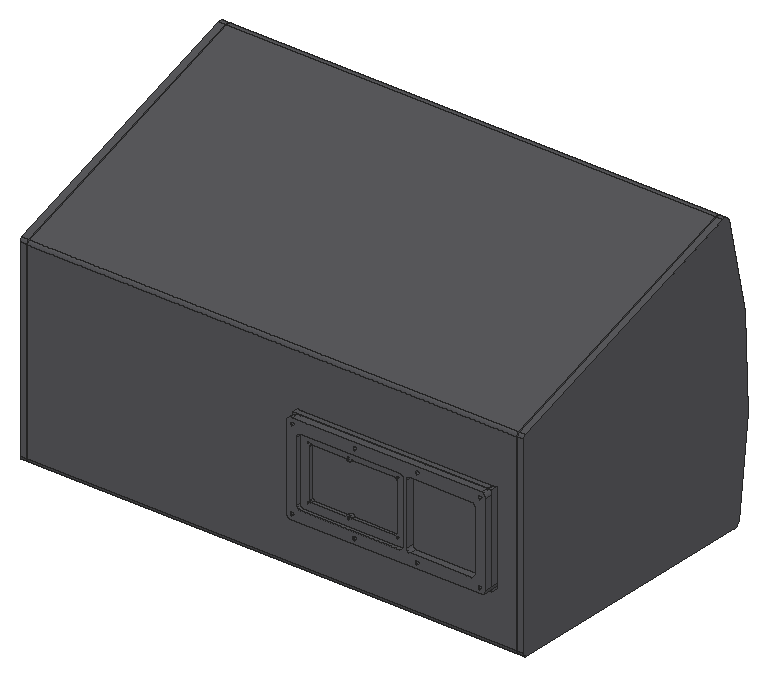
Revit family "EVU-1062", category Communication Devices, Revit 2017 (continued)
Definition of nested family "InputPanel_small"
  Lines and regions (mm)
    model lines, not visible
      curve 383: line (57.424, -9.5, 61.54) -> (58.11, -9.5, 62.1)
      curve 384: line (58.11, -9.5, 62.1) -> (58.569, -9.5, 62.938)
      curve 385: line (58.569, -9.5, 62.938) -> (58.729, -9.5, 63.926)
      curve 386: line (58.729, -9.5, 63.926) -> (58.568, -9.5, 64.914)
      curve 387: line (58.568, -9.5, 64.914) -> (58.11, -9.5, 65.752)
      curve 388: line (58.11, -9.5, 65.752) -> (57.423, -9.5, 66.311)
      curve 389: line (57.423, -9.5, 66.311) -> (56.614, -9.5, 66.508)
      curve 390: line (56.614, -9.5, 66.508) -> (55.805, -9.5, 66.311)
      curve 391: line (55.805, -9.5, 66.311) -> (55.118, -9.5, 65.751)
      curve 392: line (55.118, -9.5, 65.751) -> (54.664, -9.5, 64.92)
      curve 393: line (54.66, -9.5, 64.914) -> (54.376, -9.5, 63.925)
      curve 394: line (54.376, -9.5, 63.925) -> (53.684, -9.5, 63.925)
      curve 395: line (53.684, -9.5, 63.925) -> (51.566, -9.5, 63.925)
      curve 396: line (51.566, -9.5, 63.925) -> (51.567, -9.5, 70.15)
      curve 397: line (54.497, -9.5, 82.844) -> (54.658, -9.5, 81.856)
      curve 398: line (54.658, -9.5, 81.856) -> (55.117, -9.5, 81.019)
      curve 399: line (55.117, -9.5, 81.019) -> (55.803, -9.5, 80.459)
      curve 400: line (55.803, -9.5, 80.459) -> (56.612, -9.5, 80.263)
      curve 401: line (56.612, -9.5, 80.263) -> (57.422, -9.5, 80.459)
      curve 402: line (57.422, -9.5, 80.459) -> (58.108, -9.5, 81.019)
      curve 403: line (58.108, -9.5, 81.019) -> (58.566, -9.5, 81.857)
      curve 404: line (58.566, -9.5, 81.857) -> (58.727, -9.5, 82.845)
      curve 405: line (58.727, -9.5, 82.845) -> (58.566, -9.5, 83.833)
      curve 406: line (58.566, -9.5, 83.833) -> (58.107, -9.5, 84.671)
      curve 407: line (58.107, -9.5, 84.671) -> (57.421, -9.5, 85.23)
      curve 408: line (57.421, -9.5, 85.23) -> (56.612, -9.5, 85.427)
      curve 409: line (56.612, -9.5, 85.427) -> (55.802, -9.5, 85.23)
      curve 410: line (55.802, -9.5, 85.23) -> (55.116, -9.5, 84.67)
      curve 411: line (55.116, -9.5, 84.67) -> (54.661, -9.5, 83.839)
      curve 412: line (54.658, -9.5, 83.833) -> (54.374, -9.5, 82.844)
      curve 413: line (54.374, -9.5, 82.844) -> (53.682, -9.5, 82.844)
      curve 414: line (53.682, -9.5, 82.844) -> (51.565, -9.5, 82.844)
      curve 415: line (51.565, -9.5, 82.844) -> (51.565, -9.5, 85.997)
      curve 416: line (54.498, -9.5, 70.232) -> (54.66, -9.5, 69.244)
      curve 417: line (54.66, -9.5, 69.244) -> (55.118, -9.5, 68.406)
      curve 418: line (55.118, -9.5, 68.406) -> (55.804, -9.5, 67.846)
      curve 419: line (55.804, -9.5, 67.846) -> (56.614, -9.5, 67.65)
      curve 420: line (56.614, -9.5, 67.65) -> (57.423, -9.5, 67.847)
      curve 421: line (57.423, -9.5, 67.847) -> (58.109, -9.5, 68.406)
      curve 422: line (58.109, -9.5, 68.406) -> (58.568, -9.5, 69.244)
      curve 423: line (58.568, -9.5, 69.244) -> (58.729, -9.5, 70.232)
      curve 424: line (58.729, -9.5, 70.232) -> (58.568, -9.5, 71.22)
      curve 425: line (58.568, -9.5, 71.22) -> (58.109, -9.5, 72.058)
      curve 426: line (58.109, -9.5, 72.058) -> (57.423, -9.5, 72.618)
      curve 427: line (57.423, -9.5, 72.618) -> (56.613, -9.5, 72.814)
      curve 428: line (56.613, -9.5, 72.814) -> (55.804, -9.5, 72.617)
      curve 429: line (55.804, -9.5, 72.617) -> (55.118, -9.5, 72.058)
      curve 430: line (55.118, -9.5, 72.058) -> (54.663, -9.5, 71.227)
      curve 431: line (54.659, -9.5, 71.22) -> (54.376, -9.5, 70.232)
      curve 432: line (54.376, -9.5, 70.232) -> (53.684, -9.5, 70.232)
      curve 433: line (53.684, -9.5, 70.232) -> (51.566, -9.5, 70.231)
      curve 434: line (51.566, -9.5, 70.231) -> (51.567, -9.5, 76.427)
      curve 435: line (57.428, -9.5, 60.773) -> (57.64, -9.5, 60.773)
      curve 436: line (57.64, -9.5, 60.773) -> (57.64, -9.5, 61.116)
      curve 437: line (57.561, -9.5, 61.254) -> (57.428, -9.5, 61.38)
      curve 438: line (57.428, -9.5, 61.38) -> (57.428, -9.5, 60.773)
      curve 439: line (57.428, -9.5, 60.773) -> (55.801, -9.5, 60.772)
      curve 440: line (55.801, -9.5, 60.772) -> (55.801, -9.5, 61.379)
      curve 441: line (55.8, -9.5, 67.687) -> (55.8, -9.5, 66.472)
      curve 442: line (55.8, -9.5, 73.992) -> (55.8, -9.5, 72.777)
      curve 443: line (55.799, -9.5, 80.299) -> (55.799, -9.5, 79.084)
      curve 444: line (57.425, -9.5, 85.998) -> (57.637, -9.5, 85.998)
      curve 445: line (57.637, -9.5, 85.998) -> (57.637, -9.5, 85.632)
      curve 446: line (57.558, -9.5, 85.516) -> (57.425, -9.5, 85.39)
      curve 447: line (57.425, -9.5, 85.39) -> (57.425, -9.5, 85.998)
      curve 448: line (57.425, -9.5, 85.998) -> (55.798, -9.5, 85.998)
      curve 449: line (55.798, -9.5, 85.998) -> (55.798, -9.5, 85.39)
      curve 450: line (57.638, -9.5, 80.036) -> (57.634, -9.5, 79.358)
      curve 451: line (57.559, -9.5, 79.211) -> (57.426, -9.5, 79.085)
      curve 452: line (57.426, -9.5, 79.085) -> (57.426, -9.5, 80.3)
      curve 453: line (57.426, -9.5, 80.3) -> (57.559, -9.5, 80.173)
      curve 454: line (57.427, -9.5, 73.992) -> (57.427, -9.5, 72.777)
      curve 455: line (57.427, -9.5, 72.777) -> (57.56, -9.5, 72.903)
      curve 456: line (57.638, -9.5, 73.019) -> (57.638, -9.5, 73.728)
      curve 457: line (57.56, -9.5, 73.866) -> (57.427, -9.5, 73.992)
      curve 458: line (57.639, -9.5, 67.423) -> (57.636, -9.5, 66.745)
      curve 459: line (57.561, -9.5, 66.598) -> (57.428, -9.5, 66.472)
      curve 460: line (57.428, -9.5, 66.472) -> (57.427, -9.5, 67.687)
      curve 461: line (57.427, -9.5, 67.687) -> (57.561, -9.5, 67.561)
      curve 462: line (52.991, -9.5, 73.096) -> (55.108, -9.5, 73.096)
      curve 463: line (55.108, -9.5, 73.096) -> (55.108, -9.5, 73.673)
      curve 464: line (55.108, -9.5, 73.673) -> (52.991, -9.5, 73.672)
      curve 465: line (52.991, -9.5, 73.672) -> (52.991, -9.5, 73.096)
      curve 466: line (52.99, -9.5, 79.403) -> (52.99, -9.5, 79.98)
      curve 467: line (52.99, -9.5, 79.98) -> (55.107, -9.5, 79.98)
      curve 468: line (55.107, -9.5, 79.98) -> (55.107, -9.5, 79.404)
      curve 469: line (55.107, -9.5, 79.404) -> (52.99, -9.5, 79.403)
      curve 470: line (52.991, -9.5, 66.791) -> (52.991, -9.5, 67.367)
      curve 471: line (52.991, -9.5, 67.367) -> (55.109, -9.5, 67.367)
      curve 472: line (55.109, -9.5, 67.367) -> (55.109, -9.5, 66.791)
      curve 473: line (55.109, -9.5, 66.791) -> (52.991, -9.5, 66.791)
      curve 474: line (55.107, -9.5, 85.998) -> (52.989, -9.5, 85.997)
      curve 475: line (52.989, -9.5, 85.997) -> (52.989, -9.5, 85.709)
      curve 476: line (52.989, -9.5, 85.709) -> (55.107, -9.5, 85.709)
      curve 477: line (55.107, -9.5, 85.709) -> (55.107, -9.5, 85.998)
      curve 478: line (55.107, -9.5, 85.998) -> (55.798, -9.5, 85.998)
      curve 479: line (55.801, -9.5, 60.772) -> (55.11, -9.5, 60.772)
      curve 480: line (55.11, -9.5, 60.772) -> (55.11, -9.5, 61.06)
      curve 481: line (55.11, -9.5, 61.06) -> (52.992, -9.5, 61.06)
      curve 482: line (52.992, -9.5, 61.06) -> (52.992, -9.5, 60.772)
      curve 483: line (52.992, -9.5, 60.772) -> (55.11, -9.5, 60.772)
      curve 484: line (54.504, -9.5, 76.743) -> (56.298, -9.5, 74.554)
      curve 485: line (56.298, -9.5, 74.554) -> (55.807, -9.5, 74.222)
      curve 486: line (54.503, -9.5, 83.049) -> (56.297, -9.5, 80.86)
      curve 487: line (56.297, -9.5, 80.86) -> (55.806, -9.5, 80.528)
      curve 488: line (54.531, -9.5, 76.998) -> (56.131, -9.5, 75.046)
      curve 489: line (56.131, -9.5, 75.046) -> (56.7, -9.5, 75.046)
      curve 490: line (56.7, -9.5, 75.046) -> (54.662, -9.5, 77.533)
      curve 491: line (54.531, -9.5, 83.304) -> (56.13, -9.5, 81.352)
      curve 492: line (56.13, -9.5, 81.352) -> (56.699, -9.5, 81.352)
      curve 493: line (56.699, -9.5, 81.352) -> (54.661, -9.5, 83.839)
      curve 494: line (54.505, -9.5, 70.437) -> (56.298, -9.5, 68.248)
      curve 495: line (56.298, -9.5, 68.248) -> (55.807, -9.5, 67.915)
      curve 496: line (54.506, -9.5, 64.13) -> (56.299, -9.5, 61.942)
      curve 497: line (56.299, -9.5, 61.942) -> (55.808, -9.5, 61.609)
      curve 498: line (54.533, -9.5, 64.385) -> (56.132, -9.5, 62.433)
      curve 499: line (56.132, -9.5, 62.433) -> (56.702, -9.5, 62.433)
      curve 500: line (56.702, -9.5, 62.433) -> (54.664, -9.5, 64.92)
      curve 501: line (54.532, -9.5, 70.691) -> (56.131, -9.5, 68.739)
      curve 502: line (56.131, -9.5, 68.739) -> (56.701, -9.5, 68.739)
      curve 503: line (56.701, -9.5, 68.739) -> (54.663, -9.5, 71.227)
      curve 504: line (51.568, -9.5, 63.815) -> (51.568, -9.5, 60.772)
      curve 505: line (51.568, -9.5, 60.772) -> (46.145, -9.5, 60.771)
      curve 506: line (46.145, -9.5, 60.771) -> (46.141, -9.5, 85.996)
      curve 507: line (46.141, -9.5, 85.996) -> (51.565, -9.5, 85.997)
      curve 508: line (51.565, -9.5, 85.997) -> (52.989, -9.5, 85.997)
      curve 509: line (52.989, -9.5, 85.997) -> (49.876, -9.5, 86.125)
      curve 510: line (49.876, -9.5, 86.125) -> (49.754, -9.5, 86.302)
      curve 511: line (52.992, -9.5, 60.772) -> (51.568, -9.5, 60.772)
      curve 512: line (45.361, -9.5, 79.392) -> (45.362, -9.5, 73.88)
      curve 513: line (45.362, -9.5, 73.88) -> (41.147, -9.5, 73.88)
      curve 514: line (41.147, -9.5, 73.88) -> (41.146, -9.5, 79.392)
      curve 515: line (41.146, -9.5, 79.392) -> (45.361, -9.5, 79.392)
      curve 516: line (41.146, -9.5, 79.988) -> (41.145, -9.5, 85.499)
      curve 517: line (41.145, -9.5, 85.499) -> (45.36, -9.5, 85.5)
      curve 518: line (45.36, -9.5, 85.5) -> (45.361, -9.5, 79.988)
      curve 519: line (45.361, -9.5, 79.988) -> (41.146, -9.5, 79.988)
      curve 520: line (45.819, -9.5, 60.771) -> (45.816, -9.5, 85.996)
      curve 521: line (45.816, -9.5, 85.996) -> (40.689, -9.5, 85.996)
      curve 522: line (40.689, -9.5, 85.996) -> (40.692, -9.5, 60.771)
      curve 523: line (40.692, -9.5, 60.771) -> (45.819, -9.5, 60.771)
      curve 524: line (45.819, -9.5, 60.771) -> (46.145, -9.5, 60.771)
      curve 525: line (45.363, -9.5, 66.78) -> (45.363, -9.5, 61.268)
      curve 526: line (45.363, -9.5, 61.268) -> (41.148, -9.5, 61.267)
      curve 527: line (41.148, -9.5, 61.267) -> (41.147, -9.5, 66.779)
      curve 528: line (41.147, -9.5, 66.779) -> (45.363, -9.5, 66.78)
      curve 529: line (41.147, -9.5, 67.375) -> (41.147, -9.5, 72.887)
      curve 530: line (41.147, -9.5, 72.887) -> (45.362, -9.5, 72.887)
      curve 531: line (45.362, -9.5, 72.887) -> (45.363, -9.5, 67.375)
      curve 532: line (45.363, -9.5, 67.375) -> (41.147, -9.5, 67.375)
      curve 533: line (45.816, -9.5, 85.996) -> (46.141, -9.5, 85.996)
      curve 534: line (46.141, -9.5, 85.996) -> (42.88, -9.5, 86.124)
      curve 535: line (42.88, -9.5, 86.124) -> (42.758, -9.5, 86.301)
      curve 536: line (42.758, -9.5, 86.301) -> (45.891, -9.5, 86.301)
      curve 537: line (45.891, -9.5, 86.301) -> (46.013, -9.5, 86.124)
      curve 538: line (45.361, -9.5, 78.225) -> (43.953, -9.5, 78.225)
      curve 539: line (43.953, -9.5, 78.225) -> (43.627, -9.5, 78.913)
      curve 540: line (43.627, -9.5, 78.913) -> (43.242, -9.5, 79.392)
      curve 541: line (45.363, -9.5, 65.613) -> (43.954, -9.5, 65.612)
      curve 542: line (43.954, -9.5, 65.612) -> (43.629, -9.5, 66.3)
      curve 543: line (43.629, -9.5, 66.3) -> (43.244, -9.5, 66.779)
      curve 544: line (45.362, -9.5, 68.542) -> (43.954, -9.5, 68.542)
      curve 545: line (43.954, -9.5, 68.542) -> (43.629, -9.5, 67.854)
      curve 546: line (43.629, -9.5, 67.854) -> (43.244, -9.5, 67.375)
      curve 547: line (45.361, -9.5, 81.155) -> (43.952, -9.5, 81.155)
      curve 548: line (43.952, -9.5, 81.155) -> (43.627, -9.5, 80.467)
      curve 549: line (43.627, -9.5, 80.467) -> (43.242, -9.5, 79.988)
      curve 550: line (45.362, -9.5, 71.919) -> (43.954, -9.5, 71.919)
      curve 551: line (43.954, -9.5, 71.919) -> (43.628, -9.5, 72.607)
      curve 552: line (43.628, -9.5, 72.607) -> (43.403, -9.5, 72.887)
      curve 553: line (45.361, -9.5, 84.532) -> (43.952, -9.5, 84.531)
      curve 554: line (43.952, -9.5, 84.531) -> (43.627, -9.5, 85.219)
      curve 555: line (43.627, -9.5, 85.219) -> (43.401, -9.5, 85.5)
      curve 556: line (45.362, -9.5, 74.849) -> (43.953, -9.5, 74.848)
      curve 557: line (43.953, -9.5, 74.848) -> (43.628, -9.5, 74.16)
      curve 558: line (43.403, -9.5, 73.88) -> (43.628, -9.5, 74.16)
      curve 559: line (43.628, -9.5, 74.16) -> (43.627, -9.5, 78.913)
      curve 560: line (45.363, -9.5, 62.236) -> (43.955, -9.5, 62.236)
      curve 561: line (43.955, -9.5, 62.236) -> (43.629, -9.5, 61.548)
      curve 562: line (43.629, -9.5, 61.548) -> (43.629, -9.5, 66.3)
      curve 563: line (43.404, -9.5, 61.267) -> (43.629, -9.5, 61.548)
      curve 564: line (43.954, -9.5, 68.542) -> (43.954, -9.5, 71.919)
      curve 565: line (43.952, -9.5, 81.155) -> (43.952, -9.5, 84.531)
      curve 566: line (43.954, -9.5, 65.612) -> (43.955, -9.5, 62.236)
      curve 567: line (43.953, -9.5, 78.225) -> (43.953, -9.5, 74.848)
      curve 568: line (45.891, -9.5, 86.301) -> (45.891, -9.5, 86.563)
      curve 569: line (45.891, -9.5, 86.563) -> (42.758, -9.5, 86.562)
      curve 570: line (42.758, -9.5, 86.562) -> (42.758, -9.5, 86.301)
      curve 571: line (45.891, -9.5, 86.563) -> (46.472, -9.5, 86.563)
      curve 572: line (46.472, -9.5, 86.563) -> (46.472, -9.5, 86.301)
      curve 573: line (46.472, -9.5, 86.301) -> (46.35, -9.5, 86.124)
      curve 574: line (42.244, -9.5, 79.988) -> (42.243, -9.5, 85.499)
      curve 575: line (42.246, -9.5, 67.375) -> (42.245, -9.5, 72.887)
      curve 576: line (42.246, -9.5, 61.267) -> (42.246, -9.5, 66.779)
      curve 577: line (42.245, -9.5, 73.88) -> (42.244, -9.5, 79.392)
      curve 578: line (43.629, -9.5, 67.854) -> (43.628, -9.5, 72.607)
      curve 579: line (43.627, -9.5, 80.467) -> (43.627, -9.5, 85.219)
      curve 580: line (52.887, -9.5, 86.302) -> (53.009, -9.5, 86.125)
      curve 581: line (52.887, -9.5, 86.563) -> (52.887, -9.5, 86.302)
      curve 582: line (52.887, -9.5, 86.302) -> (49.754, -9.5, 86.302)
      curve 583: line (49.754, -9.5, 86.302) -> (49.754, -9.5, 86.563)
      curve 584: line (49.754, -9.5, 86.563) -> (52.887, -9.5, 86.563)
      curve 585: line (52.887, -9.5, 86.563) -> (53.468, -9.5, 86.563)
      curve 586: line (53.468, -9.5, 86.563) -> (53.468, -9.5, 86.302)
      curve 587: line (53.468, -9.5, 86.302) -> (53.346, -9.5, 86.125)
      curve 588: line (78.97, -9.5, 60.972) -> (78.967, -9.5, 85.803)
      curve 589: line (78.912, -9.5, 85.748) -> (78.915, -9.5, 61.027)
      curve 590: line (77.958, -9.5, 86.812) -> (40.515, -9.5, 86.808)
      curve 591: line (40.57, -9.5, 86.753) -> (77.903, -9.5, 86.757)
      curve 592: line (39.506, -9.5, 85.799) -> (39.509, -9.5, 60.968)
      curve 593: line (39.509, -9.5, 60.97) -> (39.561, -9.5, 85.744)
      curve 594: line (40.518, -9.5, 59.959) -> (77.962, -9.5, 59.963)
      curve 595: line (77.907, -9.5, 60.018) -> (40.573, -9.5, 60.014)
      curve 596: line (61.368, -9.5, 70.233) -> (59.749, -9.5, 70.232)
      curve 597: line (59.749, -9.5, 70.232) -> (59.415, -9.5, 70.232)
      curve 598: line (61.369, -9.5, 63.926) -> (59.75, -9.5, 63.926)
      curve 599: line (59.75, -9.5, 63.926) -> (59.417, -9.5, 63.926)
      curve 600: line (61.367, -9.5, 76.539) -> (59.748, -9.5, 76.539)
      curve 601: line (59.748, -9.5, 76.539) -> (59.415, -9.5, 76.539)
      curve 602: line (61.367, -9.5, 82.845) -> (59.747, -9.5, 82.845)
      curve 603: line (59.747, -9.5, 82.845) -> (59.414, -9.5, 82.845)
      curve 604: line (57.109, -9.5, 76.538) -> (58.728, -9.5, 76.539)
      curve 605: line (58.728, -9.5, 76.539) -> (59.062, -9.5, 76.539)
      curve 606: line (57.108, -9.5, 82.845) -> (58.727, -9.5, 82.845)
      curve 607: line (58.727, -9.5, 82.845) -> (59.06, -9.5, 82.845)
      curve 608: line (57.109, -9.5, 70.232) -> (58.729, -9.5, 70.232)
      curve 609: line (58.729, -9.5, 70.232) -> (59.062, -9.5, 70.232)
      curve 610: line (57.11, -9.5, 63.926) -> (58.729, -9.5, 63.926)
      curve 611: line (58.729, -9.5, 63.926) -> (59.063, -9.5, 63.926)
    model lines
      curve 612: arc (-30.696, -4.337, 30.291) -> (-31.037, -4.337, 28.695) -> (-32.139, -4.337, 27.491) r 3.109
      curve 613: arc (-30.695, -4.337, 42.904) -> (-31.035, -4.337, 41.308) -> (-32.138, -4.337, 40.104) r 3.109
      curve 614: arc (-30.698, -4.337, 23.985) -> (-31.033, -4.337, 22.399) -> (-32.121, -4.337, 21.198) r 3.108
      curve 615: arc (-30.696, -4.337, 36.598) -> (-31.031, -4.337, 35.012) -> (-32.119, -4.337, 33.811) r 3.108
      curve 616: arc (-31.992, -4.337, 33.004) -> (-31.001, -4.337, 31.812) -> (-30.695, -4.337, 30.291) r 3.166
      curve 617: arc (-31.991, -4.337, 45.616) -> (-30.999, -4.337, 44.424) -> (-30.693, -4.337, 42.904) r 3.166
      curve 618: arc (-31.993, -4.337, 26.696) -> (-31.002, -4.337, 25.504) -> (-30.696, -4.337, 23.985) r 3.165
      curve 619: arc (-31.991, -4.337, 39.309) -> (-31.001, -4.337, 38.117) -> (-30.695, -4.337, 36.598) r 3.165
      curve 620: arc (-30.343, -4.337, 36.598) -> (-30.002, -4.337, 38.194) -> (-28.9, -4.337, 39.398) r 3.109
      curve 621: arc (-30.344, -4.337, 23.985) -> (-30.004, -4.337, 25.581) -> (-28.901, -4.337, 26.785) r 3.109
      curve 622: arc (-30.341, -4.337, 42.904) -> (-30.006, -4.337, 44.49) -> (-28.918, -4.337, 45.691) r 3.108
      curve 623: arc (-30.343, -4.337, 30.291) -> (-30.007, -4.337, 31.877) -> (-28.92, -4.337, 33.078) r 3.108
      curve 624: arc (-29.046, -4.337, 33.885) -> (-30.038, -4.337, 35.077) -> (-30.344, -4.337, 36.598) r 3.166
      curve 625: arc (-29.048, -4.337, 21.273) -> (-30.039, -4.337, 22.465) -> (-30.346, -4.337, 23.985) r 3.166
      curve 626: arc (-29.046, -4.337, 40.193) -> (-30.037, -4.337, 41.385) -> (-30.343, -4.337, 42.904) r 3.165
      curve 627: arc (-29.048, -4.337, 27.58) -> (-30.038, -4.337, 28.772) -> (-30.344, -4.337, 30.291) r 3.165
      curve 628: arc (-33.959, -4.337, 27.746) -> (-35.033, -4.337, 28.816) -> (-35.384, -4.337, 30.292) r 2.775
      curve 629: arc (-34.651, -4.337, 27.426) -> (-35.725, -4.337, 28.679) -> (-36.075, -4.337, 30.292) r 3.371
      curve 630: arc (-33.959, -4.337, 27.746) -> (-34.28, -4.337, 27.533) -> (-34.651, -4.337, 27.426) r 1.273
      curve 631: arc (-33.957, -4.337, 40.358) -> (-35.031, -4.337, 41.429) -> (-35.382, -4.337, 42.905) r 2.775
      curve 632: arc (-34.649, -4.337, 40.039) -> (-35.723, -4.337, 41.292) -> (-36.074, -4.337, 42.905) r 3.371
      curve 633: arc (-33.957, -4.337, 40.358) -> (-34.279, -4.337, 40.146) -> (-34.649, -4.337, 40.039) r 1.273
      curve 634: arc (-33.96, -4.337, 21.44) -> (-35.033, -4.337, 22.511) -> (-35.384, -4.337, 23.986) r 2.774
      curve 635: arc (-34.651, -4.337, 21.121) -> (-35.725, -4.337, 22.374) -> (-36.075, -4.337, 23.986) r 3.37
      curve 636: arc (-33.96, -4.337, 21.44) -> (-34.281, -4.337, 21.228) -> (-34.651, -4.337, 21.121) r 1.273
      curve 637: arc (-33.958, -4.337, 34.053) -> (-35.032, -4.337, 35.123) -> (-35.382, -4.337, 36.598) r 2.774
      curve 638: arc (-34.65, -4.337, 33.734) -> (-35.723, -4.337, 34.986) -> (-36.074, -4.337, 36.598) r 3.37
      curve 639: arc (-33.958, -4.337, 34.053) -> (-34.28, -4.337, 33.84) -> (-34.65, -4.337, 33.734) r 1.273
      curve 640: arc (-35.384, -4.337, 30.292) -> (-35.033, -4.337, 31.767) -> (-33.958, -4.337, 32.838) r 2.775
      curve 641: arc (-34.65, -4.337, 33.157) -> (-34.28, -4.337, 33.051) -> (-33.958, -4.337, 32.838) r 1.273
      curve 642: arc (-36.075, -4.337, 30.292) -> (-35.724, -4.337, 31.905) -> (-34.65, -4.337, 33.157) r 3.371
      curve 643: arc (-35.382, -4.337, 42.905) -> (-35.031, -4.337, 44.38) -> (-33.957, -4.337, 45.451) r 2.775
      curve 644: arc (-34.648, -4.337, 45.77) -> (-34.278, -4.337, 45.663) -> (-33.957, -4.337, 45.451) r 1.273
      curve 645: arc (-36.074, -4.337, 42.905) -> (-35.723, -4.337, 44.517) -> (-34.648, -4.337, 45.77) r 3.371
      curve 646: arc (-35.384, -4.337, 23.986) -> (-35.033, -4.337, 25.461) -> (-33.959, -4.337, 26.531) r 2.774
      curve 647: arc (-34.651, -4.337, 26.85) -> (-34.28, -4.337, 26.743) -> (-33.959, -4.337, 26.531) r 1.273
      curve 648: arc (-36.075, -4.337, 23.986) -> (-35.725, -4.337, 25.598) -> (-34.651, -4.337, 26.85) r 3.37
      curve 649: arc (-35.382, -4.337, 36.598) -> (-35.031, -4.337, 38.073) -> (-33.958, -4.337, 39.143) r 2.774
      curve 650: arc (-34.649, -4.337, 39.463) -> (-34.279, -4.337, 39.356) -> (-33.958, -4.337, 39.143) r 1.273
      curve 651: arc (-36.074, -4.337, 36.598) -> (-35.723, -4.337, 38.21) -> (-34.649, -4.337, 39.463) r 3.37
      curve 652: arc (-30.908, -4.337, 23.985) -> (-31.259, -4.337, 22.51) -> (-32.333, -4.337, 21.44) r 2.774
      curve 653: arc (-32.332, -4.337, 26.53) -> (-31.258, -4.337, 25.46) -> (-30.908, -4.337, 23.985) r 2.774
      curve 654: arc (-30.906, -4.337, 30.291) -> (-31.258, -4.337, 28.816) -> (-32.332, -4.337, 27.745) r 2.775
      curve 655: arc (-32.331, -4.337, 32.838) -> (-31.257, -4.337, 31.767) -> (-30.906, -4.337, 30.291) r 2.775
      curve 656: arc (-30.906, -4.337, 36.598) -> (-31.257, -4.337, 35.123) -> (-32.331, -4.337, 34.053) r 2.774
      curve 657: arc (-32.33, -4.337, 39.143) -> (-31.257, -4.337, 38.073) -> (-30.906, -4.337, 36.598) r 2.774
      curve 658: arc (-30.905, -4.337, 42.904) -> (-31.256, -4.337, 41.429) -> (-32.33, -4.337, 40.358) r 2.775
      curve 659: arc (-32.33, -4.337, 45.45) -> (-31.256, -4.337, 44.38) -> (-30.905, -4.337, 42.904) r 2.775
      curve 660: arc (-36.768, -4.337, 27.427) -> (-37.818, -4.337, 28.63) -> (-38.191, -4.337, 30.182) r 3.348
      curve 661: arc (-36.766, -4.337, 40.039) -> (-37.816, -4.337, 41.242) -> (-38.19, -4.337, 42.794) r 3.348
      curve 662: arc (-38.191, -4.337, 30.403) -> (-37.817, -4.337, 31.955) -> (-36.767, -4.337, 33.158) r 3.348
      curve 663: arc (-38.19, -4.337, 43.015) -> (-37.816, -4.337, 44.568) -> (-36.766, -4.337, 45.77) r 3.348
      curve 664: arc (-36.769, -4.337, 21.121) -> (-37.825, -4.337, 22.337) -> (-38.192, -4.337, 23.905) r 3.353
      curve 665: arc (-36.767, -4.337, 33.734) -> (-37.823, -4.337, 34.95) -> (-38.191, -4.337, 36.517) r 3.353
      curve 666: arc (-38.192, -4.337, 24.067) -> (-37.824, -4.337, 25.635) -> (-36.768, -4.337, 26.85) r 3.353
      curve 667: arc (-38.191, -4.337, 36.68) -> (-37.823, -4.337, 38.248) -> (-36.767, -4.337, 39.463) r 3.353
      curve 668: arc (-32.649, -4.337, 30.292) -> (-32.982, -4.337, 28.919) -> (-34.009, -4.337, 27.951) r 2.482
      curve 669: arc (-32.65, -4.337, 23.985) -> (-32.983, -4.337, 22.613) -> (-34.01, -4.337, 21.644) r 2.482
      curve 670: arc (-33.058, -4.337, 25.478) -> (-32.751, -4.337, 24.76) -> (-32.65, -4.337, 23.985) r 2.857
      curve 671: arc (-33.734, -4.337, 25.636) -> (-33.68, -4.337, 25.558) -> (-33.628, -4.337, 25.478) r 2.446
      curve 672: arc (-33.058, -4.337, 31.784) -> (-32.75, -4.337, 31.066) -> (-32.649, -4.337, 30.292) r 2.857
      curve 673: arc (-33.733, -4.337, 31.942) -> (-33.679, -4.337, 31.864) -> (-33.627, -4.337, 31.784) r 2.446
      curve 674: arc (-32.649, -4.337, 36.598) -> (-32.981, -4.337, 35.226) -> (-34.008, -4.337, 34.257) r 2.482
      curve 675: arc (-32.648, -4.337, 42.904) -> (-32.98, -4.337, 41.532) -> (-34.008, -4.337, 40.563) r 2.482
      curve 676: arc (-33.057, -4.337, 38.091) -> (-32.75, -4.337, 37.372) -> (-32.649, -4.337, 36.598) r 2.857
      curve 677: arc (-33.733, -4.337, 38.249) -> (-33.678, -4.337, 38.171) -> (-33.626, -4.337, 38.091) r 2.446
      curve 678: arc (-33.056, -4.337, 44.397) -> (-32.749, -4.337, 43.679) -> (-32.648, -4.337, 42.904) r 2.857
      curve 679: arc (-33.732, -4.337, 44.555) -> (-33.677, -4.337, 44.477) -> (-33.626, -4.337, 44.397) r 2.446
      curve 680: arc (-27.08, -4.337, 39.143) -> (-26.006, -4.337, 38.073) -> (-25.655, -4.337, 36.597) r 2.775
      curve 681: arc (-26.388, -4.337, 39.463) -> (-25.314, -4.337, 38.21) -> (-24.964, -4.337, 36.597) r 3.371
      curve 682: arc (-27.08, -4.337, 39.143) -> (-26.759, -4.337, 39.356) -> (-26.388, -4.337, 39.463) r 1.273
      curve 683: arc (-27.082, -4.337, 26.531) -> (-26.007, -4.337, 25.46) -> (-25.657, -4.337, 23.984) r 2.775
      curve 684: arc (-26.39, -4.337, 26.85) -> (-25.316, -4.337, 25.597) -> (-24.965, -4.337, 23.984) r 3.371
      curve 685: arc (-27.082, -4.337, 26.531) -> (-26.76, -4.337, 26.743) -> (-26.39, -4.337, 26.85) r 1.273
      curve 686: arc (-27.079, -4.337, 45.449) -> (-26.006, -4.337, 44.378) -> (-25.655, -4.337, 42.903) r 2.774
      curve 687: arc (-26.388, -4.337, 45.768) -> (-25.314, -4.337, 44.515) -> (-24.963, -4.337, 42.903) r 3.37
      curve 688: arc (-27.079, -4.337, 45.449) -> (-26.758, -4.337, 45.661) -> (-26.388, -4.337, 45.768) r 1.273
      curve 689: arc (-27.081, -4.337, 32.836) -> (-26.007, -4.337, 31.766) -> (-25.657, -4.337, 30.291) r 2.774
      curve 690: arc (-26.389, -4.337, 33.155) -> (-25.315, -4.337, 31.903) -> (-24.965, -4.337, 30.291) r 3.37
      curve 691: arc (-27.081, -4.337, 32.836) -> (-26.759, -4.337, 33.049) -> (-26.389, -4.337, 33.155) r 1.273
      curve 692: arc (-25.655, -4.337, 36.597) -> (-26.006, -4.337, 35.122) -> (-27.081, -4.337, 34.051) r 2.775
      curve 693: arc (-26.389, -4.337, 33.732) -> (-26.759, -4.337, 33.838) -> (-27.081, -4.337, 34.051) r 1.273
      curve 694: arc (-24.964, -4.337, 36.597) -> (-25.315, -4.337, 34.984) -> (-26.389, -4.337, 33.732) r 3.371
      curve 695: arc (-25.657, -4.337, 23.984) -> (-26.008, -4.337, 22.509) -> (-27.082, -4.337, 21.438) r 2.775
      curve 696: arc (-26.391, -4.337, 21.119) -> (-26.761, -4.337, 21.226) -> (-27.082, -4.337, 21.438) r 1.273
      curve 697: arc (-24.965, -4.337, 23.984) -> (-25.316, -4.337, 22.372) -> (-26.391, -4.337, 21.119) r 3.371
      curve 698: arc (-25.655, -4.337, 42.903) -> (-26.006, -4.337, 41.429) -> (-27.08, -4.337, 40.358) r 2.774
      curve 699: arc (-26.388, -4.337, 40.039) -> (-26.759, -4.337, 40.146) -> (-27.08, -4.337, 40.358) r 1.273
      curve 700: arc (-24.963, -4.337, 42.903) -> (-25.314, -4.337, 41.291) -> (-26.388, -4.337, 40.039) r 3.37
      curve 701: arc (-25.657, -4.337, 30.291) -> (-26.008, -4.337, 28.816) -> (-27.081, -4.337, 27.746) r 2.774
      curve 702: arc (-26.39, -4.337, 27.426) -> (-26.76, -4.337, 27.533) -> (-27.081, -4.337, 27.746) r 1.273
      curve 703: arc (-24.965, -4.337, 30.291) -> (-25.316, -4.337, 28.679) -> (-26.39, -4.337, 27.426) r 3.37
      curve 704: arc (-30.131, -4.337, 42.904) -> (-29.78, -4.337, 44.379) -> (-28.706, -4.337, 45.449) r 2.774
      curve 705: arc (-28.707, -4.337, 40.359) -> (-29.78, -4.337, 41.429) -> (-30.131, -4.337, 42.904) r 2.774
      curve 706: arc (-30.133, -4.337, 36.598) -> (-29.781, -4.337, 38.073) -> (-28.707, -4.337, 39.144) r 2.775
      curve 707: arc (-28.708, -4.337, 34.051) -> (-29.782, -4.337, 35.122) -> (-30.133, -4.337, 36.598) r 2.775
      curve 708: arc (-30.133, -4.337, 30.291) -> (-29.782, -4.337, 31.766) -> (-28.708, -4.337, 32.836) r 2.774
      curve 709: arc (-28.708, -4.337, 27.746) -> (-29.782, -4.337, 28.816) -> (-30.133, -4.337, 30.291) r 2.774
      curve 710: arc (-30.134, -4.337, 23.985) -> (-29.783, -4.337, 25.46) -> (-28.709, -4.337, 26.531) r 2.775
      curve 711: arc (-28.709, -4.337, 21.439) -> (-29.783, -4.337, 22.509) -> (-30.134, -4.337, 23.985) r 2.775
      curve 712: arc (-24.271, -4.337, 39.462) -> (-23.221, -4.337, 38.26) -> (-22.848, -4.337, 36.707) r 3.348
      curve 713: arc (-24.272, -4.337, 26.85) -> (-23.223, -4.337, 25.647) -> (-22.849, -4.337, 24.095) r 3.348
      curve 714: arc (-22.848, -4.337, 36.486) -> (-23.222, -4.337, 34.934) -> (-24.272, -4.337, 33.731) r 3.348
      curve 715: arc (-22.849, -4.337, 23.874) -> (-23.223, -4.337, 22.321) -> (-24.273, -4.337, 21.119) r 3.348
      curve 716: arc (-24.27, -4.337, 45.768) -> (-23.214, -4.337, 44.552) -> (-22.847, -4.337, 42.984) r 3.353
      curve 717: arc (-24.272, -4.337, 33.155) -> (-23.216, -4.337, 31.939) -> (-22.848, -4.337, 30.372) r 3.353
      curve 718: arc (-22.847, -4.337, 42.822) -> (-23.215, -4.337, 41.254) -> (-24.271, -4.337, 40.039) r 3.353
      curve 719: arc (-22.848, -4.337, 30.209) -> (-23.216, -4.337, 28.641) -> (-24.272, -4.337, 27.426) r 3.353
      curve 720: arc (-28.389, -4.337, 42.904) -> (-28.056, -4.337, 44.276) -> (-27.029, -4.337, 45.245) r 2.482
      curve 721: arc (-28.39, -4.337, 36.597) -> (-28.057, -4.337, 37.97) -> (-27.03, -4.337, 38.938) r 2.482
      curve 722: arc (-27.981, -4.337, 35.105) -> (-28.288, -4.337, 35.823) -> (-28.39, -4.337, 36.597) r 2.857
      curve 723: arc (-27.306, -4.337, 34.947) -> (-27.36, -4.337, 35.025) -> (-27.412, -4.337, 35.105) r 2.446
      curve 724: arc (-27.981, -4.337, 41.411) -> (-28.288, -4.337, 42.129) -> (-28.389, -4.337, 42.904) r 2.857
      curve 725: arc (-27.305, -4.337, 41.253) -> (-27.359, -4.337, 41.331) -> (-27.411, -4.337, 41.411) r 2.446
      curve 726: arc (-28.39, -4.337, 30.291) -> (-28.058, -4.337, 31.663) -> (-27.031, -4.337, 32.632) r 2.482
      curve 727: arc (-28.391, -4.337, 23.985) -> (-28.058, -4.337, 25.357) -> (-27.031, -4.337, 26.326) r 2.482
      curve 728: arc (-27.983, -4.337, 22.492) -> (-28.29, -4.337, 23.21) -> (-28.391, -4.337, 23.985) r 2.857
      curve 729: arc (-27.307, -4.337, 22.334) -> (-27.362, -4.337, 22.412) -> (-27.413, -4.337, 22.492) r 2.446
      curve 730: arc (-27.982, -4.337, 28.799) -> (-28.289, -4.337, 29.517) -> (-28.39, -4.337, 30.291) r 2.857
      curve 731: arc (-27.306, -4.337, 28.64) -> (-27.361, -4.337, 28.718) -> (-27.412, -4.337, 28.798) r 2.446
      curve 732: spline (-49.243, -4.337, 20.022) -> (-49.374, -4.337, 20.031) -> (-49.504, -4.337, 20.057) -> (-49.629, -4.337, 20.099) -> (-49.747, -4.337, 20.158) -> (-49.857, -4.337, 20.231) -> (-49.956, -4.337, 20.318) -> (-50.043, -4.337, 20.417) -> (-50.116, -4.337, 20.527) -> (-50.175, -4.337, 20.645) -> (-50.217, -4.337, 20.77) -> (-50.243, -4.337, 20.9) -> (-50.251, -4.337, 21.031)
      curve 733: spline (-50.248, -4.337, 45.862) -> (-50.24, -4.337, 45.994) -> (-50.214, -4.337, 46.124) -> (-50.172, -4.337, 46.249) -> (-50.113, -4.337, 46.367) -> (-50.04, -4.337, 46.477) -> (-49.953, -4.337, 46.576) -> (-49.854, -4.337, 46.663) -> (-49.744, -4.337, 46.736) -> (-49.626, -4.337, 46.794) -> (-49.501, -4.337, 46.837) -> (-49.371, -4.337, 46.863) -> (-49.239, -4.337, 46.871)
      curve 734: spline (-11.796, -4.337, 46.867) -> (-11.664, -4.337, 46.858) -> (-11.535, -4.337, 46.832) -> (-11.41, -4.337, 46.79) -> (-11.291, -4.337, 46.731) -> (-11.182, -4.337, 46.658) -> (-11.082, -4.337, 46.571) -> (-10.995, -4.337, 46.472) -> (-10.922, -4.337, 46.362) -> (-10.864, -4.337, 46.244) -> (-10.821, -4.337, 46.119) -> (-10.796, -4.337, 45.989) -> (-10.787, -4.337, 45.858)
      curve 735: spline (-10.79, -4.337, 21.029) -> (-10.798, -4.337, 20.897) -> (-10.824, -4.337, 20.767) -> (-10.866, -4.337, 20.642) -> (-10.925, -4.337, 20.523) -> (-10.998, -4.337, 20.413) -> (-11.085, -4.337, 20.314) -> (-11.184, -4.337, 20.227) -> (-11.294, -4.337, 20.153) -> (-11.412, -4.337, 20.095) -> (-11.538, -4.337, 20.052) -> (-11.667, -4.337, 20.026) -> (-11.799, -4.337, 20.018)
      curve 736: spline (-11.851, -4.337, 46.812) -> (-11.719, -4.337, 46.803) -> (-11.59, -4.337, 46.777) -> (-11.465, -4.337, 46.735) -> (-11.346, -4.337, 46.676) -> (-11.237, -4.337, 46.603) -> (-11.137, -4.337, 46.516) -> (-11.05, -4.337, 46.417) -> (-10.977, -4.337, 46.307) -> (-10.919, -4.337, 46.189) -> (-10.876, -4.337, 46.064) -> (-10.851, -4.337, 45.934) -> (-10.842, -4.337, 45.803)
      curve 737: spline (-10.845, -4.337, 21.082) -> (-10.854, -4.337, 20.95) -> (-10.879, -4.337, 20.82) -> (-10.922, -4.337, 20.696) -> (-10.98, -4.337, 20.577) -> (-11.054, -4.337, 20.467) -> (-11.141, -4.337, 20.368) -> (-11.24, -4.337, 20.281) -> (-11.35, -4.337, 20.208) -> (-11.468, -4.337, 20.15) -> (-11.593, -4.337, 20.107) -> (-11.722, -4.337, 20.081) -> (-11.854, -4.337, 20.073)
      curve 738: spline (-50.193, -4.337, 45.807) -> (-50.185, -4.337, 45.939) -> (-50.159, -4.337, 46.069) -> (-50.117, -4.337, 46.194) -> (-50.058, -4.337, 46.312) -> (-49.985, -4.337, 46.422) -> (-49.898, -4.337, 46.521) -> (-49.799, -4.337, 46.608) -> (-49.689, -4.337, 46.681) -> (-49.571, -4.337, 46.739) -> (-49.446, -4.337, 46.782) -> (-49.316, -4.337, 46.808) -> (-49.184, -4.337, 46.816)
      curve 739: spline (-49.188, -4.337, 20.077) -> (-49.319, -4.337, 20.086) -> (-49.449, -4.337, 20.112) -> (-49.574, -4.337, 20.154) -> (-49.692, -4.337, 20.213) -> (-49.802, -4.337, 20.286) -> (-49.901, -4.337, 20.373) -> (-49.988, -4.337, 20.472) -> (-50.061, -4.337, 20.582) -> (-50.12, -4.337, 20.7) -> (-50.162, -4.337, 20.825) -> (-50.188, -4.337, 20.955) -> (-50.196, -4.337, 21.086)
      curve 740: line (-35.26, -4.337, 30.292) -> (-35.099, -4.337, 31.28)
      curve 741: line (-35.099, -4.337, 31.28) -> (-34.641, -4.337, 32.118)
      curve 742: line (-34.641, -4.337, 32.118) -> (-33.954, -4.337, 32.677)
      curve 743: line (-33.954, -4.337, 32.677) -> (-33.145, -4.337, 32.874)
      curve 744: line (-33.145, -4.337, 32.874) -> (-32.335, -4.337, 32.677)
      curve 745: line (-32.335, -4.337, 32.677) -> (-31.649, -4.337, 32.117)
      curve 746: line (-31.649, -4.337, 32.117) -> (-31.191, -4.337, 31.28)
      curve 747: line (-31.191, -4.337, 31.28) -> (-31.03, -4.337, 30.291)
      curve 748: line (-31.03, -4.337, 30.291) -> (-31.191, -4.337, 29.303)
      curve 749: line (-31.191, -4.337, 29.303) -> (-31.65, -4.337, 28.466)
      curve 750: line (-31.65, -4.337, 28.466) -> (-32.336, -4.337, 27.906)
      curve 751: line (-32.336, -4.337, 27.906) -> (-33.145, -4.337, 27.71)
      curve 752: line (-33.145, -4.337, 27.71) -> (-33.955, -4.337, 27.906)
      curve 753: line (-33.955, -4.337, 27.906) -> (-34.641, -4.337, 28.466)
      curve 754: line (-34.641, -4.337, 28.466) -> (-35.096, -4.337, 29.297)
      curve 755: line (-35.099, -4.337, 29.304) -> (-35.384, -4.337, 30.292)
      curve 756: line (-35.384, -4.337, 30.292) -> (-36.075, -4.337, 30.292)
      curve 757: line (-36.075, -4.337, 30.292) -> (-38.193, -4.337, 30.292)
      curve 758: line (-38.193, -4.337, 30.292) -> (-38.192, -4.337, 24.067)
      curve 759: line (-35.259, -4.337, 42.905) -> (-35.098, -4.337, 43.893)
      curve 760: line (-35.098, -4.337, 43.893) -> (-34.639, -4.337, 44.73)
      curve 761: line (-34.639, -4.337, 44.73) -> (-33.953, -4.337, 45.29)
      curve 762: line (-33.953, -4.337, 45.29) -> (-33.143, -4.337, 45.486)
      curve 763: line (-33.143, -4.337, 45.486) -> (-32.334, -4.337, 45.29)
      curve 764: line (-32.334, -4.337, 45.29) -> (-31.648, -4.337, 44.73)
      curve 765: line (-31.648, -4.337, 44.73) -> (-31.189, -4.337, 43.892)
      curve 766: line (-31.189, -4.337, 43.892) -> (-31.028, -4.337, 42.904)
      curve 767: line (-31.028, -4.337, 42.904) -> (-31.19, -4.337, 41.916)
      curve 768: line (-31.19, -4.337, 41.916) -> (-31.648, -4.337, 41.078)
      curve 769: line (-31.648, -4.337, 41.078) -> (-32.334, -4.337, 40.519)
      curve 770: line (-32.334, -4.337, 40.519) -> (-33.144, -4.337, 40.322)
      curve 771: line (-33.144, -4.337, 40.322) -> (-33.953, -4.337, 40.519)
      curve 772: line (-33.953, -4.337, 40.519) -> (-34.639, -4.337, 41.079)
      curve 773: line (-34.639, -4.337, 41.079) -> (-35.094, -4.337, 41.91)
      curve 774: line (-35.098, -4.337, 41.916) -> (-35.382, -4.337, 42.905)
      curve 775: line (-35.382, -4.337, 42.905) -> (-36.074, -4.337, 42.905)
      curve 776: line (-36.074, -4.337, 42.905) -> (-38.191, -4.337, 42.905)
      curve 777: line (-38.191, -4.337, 42.905) -> (-38.191, -4.337, 36.68)
      curve 778: line (-35.261, -4.337, 23.986) -> (-35.1, -4.337, 24.974)
      curve 779: line (-35.1, -4.337, 24.974) -> (-34.641, -4.337, 25.811)
      curve 780: line (-34.641, -4.337, 25.811) -> (-33.955, -4.337, 26.371)
      curve 781: line (-33.955, -4.337, 26.371) -> (-33.146, -4.337, 26.567)
      curve 782: line (-33.146, -4.337, 26.567) -> (-32.336, -4.337, 26.371)
      curve 783: line (-32.336, -4.337, 26.371) -> (-31.65, -4.337, 25.811)
      curve 784: line (-31.65, -4.337, 25.811) -> (-31.192, -4.337, 24.973)
      curve 785: line (-31.192, -4.337, 24.973) -> (-31.031, -4.337, 23.985)
      curve 786: line (-31.031, -4.337, 23.985) -> (-31.192, -4.337, 22.997)
      curve 787: line (-31.192, -4.337, 22.997) -> (-31.65, -4.337, 22.159)
      curve 788: line (-31.65, -4.337, 22.159) -> (-32.337, -4.337, 21.6)
      curve 789: line (-32.337, -4.337, 21.6) -> (-33.146, -4.337, 21.403)
      curve 790: line (-33.146, -4.337, 21.403) -> (-33.956, -4.337, 21.6)
      curve 791: line (-33.956, -4.337, 21.6) -> (-34.642, -4.337, 22.16)
      curve 792: line (-34.642, -4.337, 22.16) -> (-35.096, -4.337, 22.991)
      curve 793: line (-35.1, -4.337, 22.997) -> (-35.384, -4.337, 23.986)
      curve 794: line (-35.384, -4.337, 23.986) -> (-36.075, -4.337, 23.986)
      curve 795: line (-36.075, -4.337, 23.986) -> (-38.193, -4.337, 23.986)
      curve 796: line (-38.193, -4.337, 23.986) -> (-38.192, -4.337, 20.833)
      curve 797: line (-38.192, -4.337, 20.833) -> (-36.769, -4.337, 20.833)
      curve 798: line (-36.769, -4.337, 20.833) -> (-39.881, -4.337, 20.705)
      curve 799: line (-39.881, -4.337, 20.705) -> (-40.003, -4.337, 20.528)
      curve 800: line (-40.003, -4.337, 20.528) -> (-36.871, -4.337, 20.528)
      curve 801: line (-36.871, -4.337, 20.528) -> (-36.749, -4.337, 20.705)
      curve 802: line (-35.259, -4.337, 36.598) -> (-35.098, -4.337, 37.586)
      curve 803: line (-35.098, -4.337, 37.586) -> (-34.64, -4.337, 38.424)
      curve 804: line (-34.64, -4.337, 38.424) -> (-33.953, -4.337, 38.984)
      curve 805: line (-33.953, -4.337, 38.984) -> (-33.144, -4.337, 39.18)
      curve 806: line (-33.144, -4.337, 39.18) -> (-32.335, -4.337, 38.983)
      curve 807: line (-32.335, -4.337, 38.983) -> (-31.648, -4.337, 38.424)
      curve 808: line (-31.648, -4.337, 38.424) -> (-31.19, -4.337, 37.586)
      curve 809: line (-31.19, -4.337, 37.586) -> (-31.029, -4.337, 36.598)
      curve 810: line (-31.029, -4.337, 36.598) -> (-31.19, -4.337, 35.61)
      curve 811: line (-31.19, -4.337, 35.61) -> (-31.649, -4.337, 34.772)
      curve 812: line (-31.649, -4.337, 34.772) -> (-32.335, -4.337, 34.212)
      curve 813: line (-32.335, -4.337, 34.212) -> (-33.145, -4.337, 34.016)
      curve 814: line (-33.145, -4.337, 34.016) -> (-33.954, -4.337, 34.213)
      curve 815: line (-33.954, -4.337, 34.213) -> (-34.64, -4.337, 34.772)
      curve 816: line (-34.64, -4.337, 34.772) -> (-35.095, -4.337, 35.603)
      curve 817: line (-35.099, -4.337, 35.61) -> (-35.382, -4.337, 36.598)
      curve 818: line (-35.382, -4.337, 36.598) -> (-36.074, -4.337, 36.598)
      curve 819: line (-36.074, -4.337, 36.598) -> (-38.191, -4.337, 36.599)
      curve 820: line (-38.191, -4.337, 36.599) -> (-38.191, -4.337, 30.403)
      curve 821: line (-32.33, -4.337, 46.057) -> (-32.118, -4.337, 46.057)
      curve 822: line (-32.118, -4.337, 46.057) -> (-32.118, -4.337, 45.714)
      curve 823: line (-32.197, -4.337, 45.576) -> (-32.33, -4.337, 45.45)
      curve 824: line (-32.33, -4.337, 45.45) -> (-32.33, -4.337, 46.057)
      curve 825: line (-32.33, -4.337, 46.057) -> (-33.957, -4.337, 46.058)
      curve 826: line (-33.957, -4.337, 46.058) -> (-33.957, -4.337, 45.451)
      curve 827: line (-33.958, -4.337, 39.143) -> (-33.957, -4.337, 40.358)
      curve 828: line (-33.958, -4.337, 32.838) -> (-33.958, -4.337, 34.053)
      curve 829: line (-33.959, -4.337, 26.531) -> (-33.959, -4.337, 27.746)
      curve 830: line (-32.333, -4.337, 20.832) -> (-32.121, -4.337, 20.832)
      curve 831: line (-32.121, -4.337, 20.832) -> (-32.121, -4.337, 21.198)
      curve 832: line (-32.2, -4.337, 21.314) -> (-32.333, -4.337, 21.44)
      curve 833: line (-32.333, -4.337, 21.44) -> (-32.333, -4.337, 20.832)
      curve 834: line (-32.333, -4.337, 20.832) -> (-33.96, -4.337, 20.832)
      curve 835: line (-33.96, -4.337, 20.832) -> (-33.96, -4.337, 21.44)
      curve 836: line (-32.12, -4.337, 26.794) -> (-32.123, -4.337, 27.472)
      curve 837: line (-32.199, -4.337, 27.619) -> (-32.332, -4.337, 27.745)
      curve 838: line (-32.332, -4.337, 27.745) -> (-32.332, -4.337, 26.53)
      curve 839: line (-32.332, -4.337, 26.53) -> (-32.199, -4.337, 26.657)
      curve 840: line (-32.331, -4.337, 32.838) -> (-32.331, -4.337, 34.053)
      curve 841: line (-32.331, -4.337, 34.053) -> (-32.198, -4.337, 33.927)
      curve 842: line (-32.119, -4.337, 33.811) -> (-32.119, -4.337, 33.102)
      curve 843: line (-32.198, -4.337, 32.964) -> (-32.331, -4.337, 32.838)
      curve 844: line (-32.119, -4.337, 39.407) -> (-32.122, -4.337, 40.085)
      curve 845: line (-32.197, -4.337, 40.232) -> (-32.33, -4.337, 40.358)
      curve 846: line (-32.33, -4.337, 40.358) -> (-32.33, -4.337, 39.143)
      curve 847: line (-32.33, -4.337, 39.143) -> (-32.197, -4.337, 39.269)
      curve 848: line (-36.767, -4.337, 33.734) -> (-34.65, -4.337, 33.734)
      curve 849: line (-34.65, -4.337, 33.734) -> (-34.65, -4.337, 33.157)
      curve 850: line (-34.65, -4.337, 33.157) -> (-36.767, -4.337, 33.158)
      curve 851: line (-36.767, -4.337, 33.158) -> (-36.767, -4.337, 33.734)
      curve 852: line (-36.768, -4.337, 27.427) -> (-36.768, -4.337, 26.85)
      curve 853: line (-36.768, -4.337, 26.85) -> (-34.651, -4.337, 26.85)
      curve 854: line (-34.651, -4.337, 26.85) -> (-34.651, -4.337, 27.426)
      curve 855: line (-34.651, -4.337, 27.426) -> (-36.768, -4.337, 27.427)
      curve 856: line (-36.766, -4.337, 40.039) -> (-36.767, -4.337, 39.463)
      curve 857: line (-36.767, -4.337, 39.463) -> (-34.649, -4.337, 39.463)
      curve 858: line (-34.649, -4.337, 39.463) -> (-34.649, -4.337, 40.039)
      curve 859: line (-34.649, -4.337, 40.039) -> (-36.766, -4.337, 40.039)
      curve 860: line (-34.651, -4.337, 20.832) -> (-36.769, -4.337, 20.833)
      curve 861: line (-36.769, -4.337, 20.833) -> (-36.769, -4.337, 21.121)
      curve 862: line (-36.769, -4.337, 21.121) -> (-34.651, -4.337, 21.121)
      curve 863: line (-34.651, -4.337, 21.121) -> (-34.651, -4.337, 20.832)
      curve 864: line (-34.651, -4.337, 20.832) -> (-33.96, -4.337, 20.832)
      curve 865: line (-33.957, -4.337, 46.058) -> (-34.648, -4.337, 46.058)
      curve 866: line (-34.648, -4.337, 46.058) -> (-34.648, -4.337, 45.77)
      curve 867: line (-34.648, -4.337, 45.77) -> (-36.766, -4.337, 45.77)
      curve 868: line (-36.766, -4.337, 45.77) -> (-36.766, -4.337, 46.058)
      curve 869: line (-36.766, -4.337, 46.058) -> (-34.648, -4.337, 46.058)
      curve 870: line (-35.254, -4.337, 23.781) -> (-33.461, -4.337, 25.97)
      curve 871: line (-33.461, -4.337, 25.97) -> (-33.952, -4.337, 26.302)
      curve 872: line (-35.254, -4.337, 30.087) -> (-33.46, -4.337, 32.276)
      curve 873: line (-33.46, -4.337, 32.276) -> (-33.951, -4.337, 32.608)
      curve 874: line (-35.227, -4.337, 23.526) -> (-33.628, -4.337, 25.478)
      curve 875: line (-33.628, -4.337, 25.478) -> (-33.058, -4.337, 25.478)
      curve 876: line (-33.058, -4.337, 25.478) -> (-35.096, -4.337, 22.991)
      curve 877: line (-35.227, -4.337, 29.832) -> (-33.627, -4.337, 31.784)
      curve 878: line (-33.627, -4.337, 31.784) -> (-33.058, -4.337, 31.784)
      curve 879: line (-33.058, -4.337, 31.784) -> (-35.096, -4.337, 29.297)
      curve 880: line (-35.226, -4.337, 36.139) -> (-33.626, -4.337, 38.091)
      curve 881: line (-33.626, -4.337, 38.091) -> (-33.057, -4.337, 38.091)
      curve 882: line (-33.057, -4.337, 38.091) -> (-35.095, -4.337, 35.603)
      curve 883: line (-35.253, -4.337, 36.393) -> (-33.459, -4.337, 38.582)
      curve 884: line (-33.459, -4.337, 38.582) -> (-33.95, -4.337, 38.915)
      curve 885: line (-35.252, -4.337, 42.7) -> (-33.459, -4.337, 44.888)
      curve 886: line (-33.459, -4.337, 44.888) -> (-33.95, -4.337, 45.221)
      curve 887: line (-35.225, -4.337, 42.445) -> (-33.626, -4.337, 44.397)
      curve 888: line (-33.626, -4.337, 44.397) -> (-33.056, -4.337, 44.397)
      curve 889: line (-33.056, -4.337, 44.397) -> (-35.094, -4.337, 41.91)
      curve 890: line (-38.19, -4.337, 43.015) -> (-38.189, -4.337, 46.058)
      curve 891: line (-38.189, -4.337, 46.058) -> (-43.613, -4.337, 46.059)
      curve 892: line (-43.613, -4.337, 46.059) -> (-43.616, -4.337, 20.834)
      curve 893: line (-43.616, -4.337, 20.834) -> (-38.192, -4.337, 20.833)
      curve 894: line (-36.766, -4.337, 46.058) -> (-38.189, -4.337, 46.058)
      curve 895: line (-43.613, -4.337, 46.059) -> (-43.939, -4.337, 46.059)
      curve 896: line (-43.939, -4.337, 46.059) -> (-43.942, -4.337, 20.834)
      curve 897: line (-43.942, -4.337, 20.834) -> (-43.616, -4.337, 20.834)
      curve 898: line (-43.616, -4.337, 20.834) -> (-43.745, -4.337, 20.706)
      curve 899: line (-43.745, -4.337, 20.706) -> (-43.867, -4.337, 20.529)
      curve 900: line (-44.397, -4.337, 27.438) -> (-44.396, -4.337, 32.95)
      curve 901: line (-44.396, -4.337, 32.95) -> (-48.611, -4.337, 32.95)
      curve 902: line (-48.611, -4.337, 32.95) -> (-48.612, -4.337, 27.438)
      curve 903: line (-48.612, -4.337, 27.438) -> (-44.397, -4.337, 27.438)
      curve 904: line (-48.612, -4.337, 26.842) -> (-48.613, -4.337, 21.331)
      curve 905: line (-48.613, -4.337, 21.331) -> (-44.397, -4.337, 21.33)
      curve 906: line (-44.397, -4.337, 21.33) -> (-44.397, -4.337, 26.842)
      curve 907: line (-44.397, -4.337, 26.842) -> (-48.612, -4.337, 26.842)
      curve 908: line (-43.942, -4.337, 20.834) -> (-49.068, -4.337, 20.834)
      curve 909: line (-49.068, -4.337, 20.834) -> (-49.065, -4.337, 46.059)
      curve 910: line (-49.065, -4.337, 46.059) -> (-43.939, -4.337, 46.059)
      curve 911: line (-44.395, -4.337, 40.05) -> (-44.395, -4.337, 45.562)
      curve 912: line (-44.395, -4.337, 45.562) -> (-48.61, -4.337, 45.563)
      curve 913: line (-48.61, -4.337, 45.563) -> (-48.61, -4.337, 40.051)
      curve 914: line (-48.61, -4.337, 40.051) -> (-44.395, -4.337, 40.05)
      curve 915: line (-48.611, -4.337, 39.455) -> (-48.611, -4.337, 33.943)
      curve 916: line (-48.611, -4.337, 33.943) -> (-44.396, -4.337, 33.943)
      curve 917: line (-44.396, -4.337, 33.943) -> (-44.395, -4.337, 39.455)
      curve 918: line (-44.395, -4.337, 39.455) -> (-48.611, -4.337, 39.455)
      curve 919: line (-44.395, -4.337, 41.217) -> (-45.804, -4.337, 41.218)
      curve 920: line (-45.804, -4.337, 41.218) -> (-46.129, -4.337, 40.53)
      curve 921: line (-46.129, -4.337, 40.53) -> (-46.514, -4.337, 40.051)
      curve 922: line (-44.397, -4.337, 28.605) -> (-45.805, -4.337, 28.605)
      curve 923: line (-45.805, -4.337, 28.605) -> (-46.131, -4.337, 27.917)
      curve 924: line (-46.131, -4.337, 27.917) -> (-46.516, -4.337, 27.438)
      curve 925: line (-44.395, -4.337, 38.288) -> (-45.804, -4.337, 38.288)
      curve 926: line (-45.804, -4.337, 38.288) -> (-46.129, -4.337, 38.976)
      curve 927: line (-46.129, -4.337, 38.976) -> (-46.514, -4.337, 39.455)
      curve 928: line (-44.397, -4.337, 25.675) -> (-45.805, -4.337, 25.675)
      curve 929: line (-45.805, -4.337, 25.675) -> (-46.131, -4.337, 26.363)
      curve 930: line (-46.131, -4.337, 26.363) -> (-46.516, -4.337, 26.842)
      curve 931: line (-44.397, -4.337, 22.298) -> (-45.806, -4.337, 22.299)
      curve 932: line (-45.806, -4.337, 22.299) -> (-46.131, -4.337, 21.611)
      curve 933: line (-46.131, -4.337, 21.611) -> (-46.357, -4.337, 21.33)
      curve 934: line (-44.396, -4.337, 34.911) -> (-45.804, -4.337, 34.911)
      curve 935: line (-45.804, -4.337, 34.911) -> (-46.13, -4.337, 34.223)
      curve 936: line (-46.13, -4.337, 34.223) -> (-46.355, -4.337, 33.943)
      curve 937: line (-44.396, -4.337, 31.981) -> (-45.805, -4.337, 31.982)
      curve 938: line (-45.805, -4.337, 31.982) -> (-46.13, -4.337, 32.67)
      curve 939: line (-46.355, -4.337, 32.95) -> (-46.13, -4.337, 32.67)
      curve 940: line (-46.13, -4.337, 32.67) -> (-46.131, -4.337, 27.917)
      curve 941: line (-44.395, -4.337, 44.594) -> (-45.803, -4.337, 44.594)
      curve 942: line (-45.803, -4.337, 44.594) -> (-46.128, -4.337, 45.282)
      curve 943: line (-46.128, -4.337, 45.282) -> (-46.129, -4.337, 40.53)
      curve 944: line (-46.354, -4.337, 45.563) -> (-46.128, -4.337, 45.282)
      curve 945: line (-45.805, -4.337, 25.675) -> (-45.806, -4.337, 22.299)
      curve 946: line (-45.804, -4.337, 38.288) -> (-45.804, -4.337, 34.911)
      curve 947: line (-45.805, -4.337, 28.605) -> (-45.805, -4.337, 31.982)
      curve 948: line (-45.804, -4.337, 41.218) -> (-45.803, -4.337, 44.594)
      curve 949: line (-43.867, -4.337, 20.267) -> (-47, -4.337, 20.268)
      curve 950: line (-47, -4.337, 20.268) -> (-47, -4.337, 20.529)
      curve 951: line (-47, -4.337, 20.529) -> (-43.867, -4.337, 20.529)
      curve 952: line (-43.867, -4.337, 20.529) -> (-43.867, -4.337, 20.267)
      curve 953: line (-43.867, -4.337, 20.267) -> (-43.286, -4.337, 20.267)
      curve 954: line (-43.286, -4.337, 20.267) -> (-43.286, -4.337, 20.529)
      curve 955: line (-43.286, -4.337, 20.529) -> (-43.408, -4.337, 20.833)
      curve 956: line (-43.745, -4.337, 20.706) -> (-46.878, -4.337, 20.706)
      curve 957: line (-46.878, -4.337, 20.706) -> (-47, -4.337, 20.529)
      curve 958: line (-47.514, -4.337, 26.842) -> (-47.514, -4.337, 21.331)
      curve 959: line (-47.512, -4.337, 39.455) -> (-47.513, -4.337, 33.943)
      curve 960: line (-47.513, -4.337, 32.95) -> (-47.514, -4.337, 27.438)
      curve 961: line (-47.512, -4.337, 45.563) -> (-47.512, -4.337, 40.051)
      curve 962: line (-46.131, -4.337, 26.363) -> (-46.131, -4.337, 21.611)
      curve 963: line (-46.129, -4.337, 38.976) -> (-46.13, -4.337, 34.223)
      curve 964: line (-36.871, -4.337, 20.528) -> (-36.871, -4.337, 20.267)
      curve 965: line (-36.871, -4.337, 20.267) -> (-36.29, -4.337, 20.267)
      curve 966: line (-36.29, -4.337, 20.267) -> (-36.29, -4.337, 20.528)
      curve 967: line (-36.29, -4.337, 20.528) -> (-36.412, -4.337, 20.705)
      curve 968: line (-36.871, -4.337, 20.267) -> (-40.004, -4.337, 20.267)
      curve 969: line (-40.004, -4.337, 20.267) -> (-40.003, -4.337, 20.528)
      curve 970: line (-25.779, -4.337, 36.597) -> (-25.94, -4.337, 35.609)
      curve 971: line (-25.94, -4.337, 35.609) -> (-26.398, -4.337, 34.771)
      curve 972: line (-26.398, -4.337, 34.771) -> (-27.085, -4.337, 34.212)
      curve 973: line (-27.085, -4.337, 34.212) -> (-27.894, -4.337, 34.015)
      curve 974: line (-27.894, -4.337, 34.015) -> (-28.704, -4.337, 34.212)
      curve 975: line (-28.704, -4.337, 34.212) -> (-29.39, -4.337, 34.772)
      curve 976: line (-29.39, -4.337, 34.772) -> (-29.848, -4.337, 35.609)
      curve 977: line (-29.848, -4.337, 35.609) -> (-30.009, -4.337, 36.598)
      curve 978: line (-30.009, -4.337, 36.598) -> (-29.848, -4.337, 37.586)
      curve 979: line (-29.848, -4.337, 37.586) -> (-29.389, -4.337, 38.423)
      curve 980: line (-29.389, -4.337, 38.423) -> (-28.703, -4.337, 38.983)
      curve 981: line (-28.703, -4.337, 38.983) -> (-27.894, -4.337, 39.179)
      curve 982: line (-27.894, -4.337, 39.179) -> (-27.084, -4.337, 38.983)
      curve 983: line (-27.084, -4.337, 38.983) -> (-26.398, -4.337, 38.423)
      curve 984: line (-26.398, -4.337, 38.423) -> (-25.943, -4.337, 37.592)
      curve 985: line (-25.94, -4.337, 37.585) -> (-25.655, -4.337, 36.597)
      curve 986: line (-25.655, -4.337, 36.597) -> (-24.964, -4.337, 36.597)
      curve 987: line (-24.964, -4.337, 36.597) -> (-22.846, -4.337, 36.597)
      curve 988: line (-22.846, -4.337, 36.597) -> (-22.847, -4.337, 42.822)
      curve 989: line (-25.78, -4.337, 23.984) -> (-25.941, -4.337, 22.996)
      curve 990: line (-25.941, -4.337, 22.996) -> (-26.4, -4.337, 22.159)
      curve 991: line (-26.4, -4.337, 22.159) -> (-27.086, -4.337, 21.599)
      curve 992: line (-27.086, -4.337, 21.599) -> (-27.896, -4.337, 21.403)
      curve 993: line (-27.896, -4.337, 21.403) -> (-28.705, -4.337, 21.599)
      curve 994: line (-28.705, -4.337, 21.599) -> (-29.391, -4.337, 22.159)
      curve 995: line (-29.391, -4.337, 22.159) -> (-29.85, -4.337, 22.997)
      curve 996: line (-29.85, -4.337, 22.997) -> (-30.011, -4.337, 23.985)
      curve 997: line (-30.011, -4.337, 23.985) -> (-29.849, -4.337, 24.973)
      curve 998: line (-29.849, -4.337, 24.973) -> (-29.391, -4.337, 25.811)
      curve 999: line (-29.391, -4.337, 25.811) -> (-28.705, -4.337, 26.37)
      curve 1000: line (-28.705, -4.337, 26.37) -> (-27.895, -4.337, 26.567)
      curve 1001: line (-27.895, -4.337, 26.567) -> (-27.086, -4.337, 26.37)
      curve 1002: line (-27.086, -4.337, 26.37) -> (-26.4, -4.337, 25.81)
      curve 1003: line (-26.4, -4.337, 25.81) -> (-25.945, -4.337, 24.979)
      curve 1004: line (-25.941, -4.337, 24.973) -> (-25.657, -4.337, 23.984)
      curve 1005: line (-25.657, -4.337, 23.984) -> (-24.965, -4.337, 23.984)
      curve 1006: line (-24.965, -4.337, 23.984) -> (-22.847, -4.337, 23.984)
      curve 1007: line (-22.847, -4.337, 23.984) -> (-22.848, -4.337, 30.209)
      curve 1008: line (-25.778, -4.337, 42.903) -> (-25.939, -4.337, 41.915)
      curve 1009: line (-25.939, -4.337, 41.915) -> (-26.398, -4.337, 41.078)
      curve 1010: line (-26.398, -4.337, 41.078) -> (-27.084, -4.337, 40.518)
      curve 1011: line (-27.084, -4.337, 40.518) -> (-27.893, -4.337, 40.322)
      curve 1012: line (-27.893, -4.337, 40.322) -> (-28.703, -4.337, 40.518)
      curve 1013: line (-28.703, -4.337, 40.518) -> (-29.389, -4.337, 41.078)
      curve 1014: line (-29.389, -4.337, 41.078) -> (-29.847, -4.337, 41.916)
